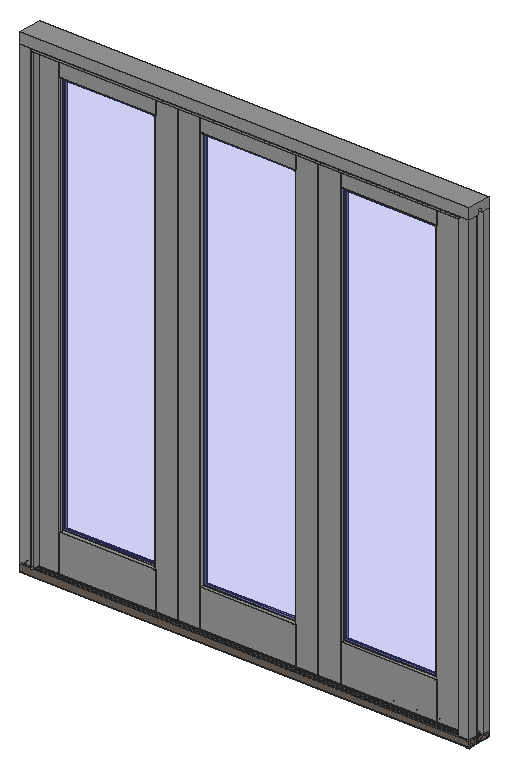
Revit family "VSFA 1950 G1 RH", category Doors, host Wall, Revit 2015
Parameters (values of type "VSFA 1950 G1 RH")
  Function = Interior
  Frame Projection Ext. = 25 mm
  Frame Projection Int. = 25 mm
  Frame Width = 75 mm
  Height = 2100 mm
  Wall Closure = By host
  Width = 1950 mm
Reference planes
  plane 1: y = 0
  plane 2 "Center (Left/Right)": x = 0
  plane 3 "Left": x = -975
  plane 4 "Right": x = 975
  plane 5: z = 2100
  plane 6 "Exterior": y = 75
  plane 7 "Interior": y = -75
Forms (mm)
  Extrusion 1, solid, material "Aluminium Cill (Bronze)"
    sketch origin (0, 79.18, -119.746) x (0, 1, 0) y (0, 0, 1)
      loop
        line (-26.68, 120.746) -> (-26.68, 135.746)
        arc (-26.68, 135.746) -> (-27.558, 137.867) -> (-29.68, 138.746) r 3
        line (-29.68, 138.746) -> (-40.947, 138.746)
        arc (-40.947, 138.746) -> (-42.68, 137.746) -> (-44.412, 138.746) r 2
        line (-44.412, 138.746) -> (-48.947, 138.746)
        arc (-48.947, 138.746) -> (-50.68, 137.746) -> (-52.412, 138.746) r 2
        line (-52.412, 138.746) -> (-56.947, 138.746)
        arc (-56.947, 138.746) -> (-58.68, 137.746) -> (-60.412, 138.746) r 2
        line (-60.412, 138.746) -> (-67.18, 138.746) -> (-67.18, 135.246)
        arc (-67.18, 135.246) -> (-67.619, 134.185) -> (-68.68, 133.746) r 1.5
        line (-68.68, 133.746) -> (-73.43, 133.746) -> (-73.43, 135.746) -> (-71.996, 135.746)
        arc (-71.996, 135.746) -> (-74.68, 138.746) -> (-77.363, 135.746) r 2.7
        line (-77.363, 135.746) -> (-75.93, 135.746) -> (-75.93, 133.746) -> (-80.68, 133.746)
        arc (-80.68, 133.746) -> (-81.74, 134.185) -> (-82.18, 135.246) r 1.5
        line (-82.18, 135.246) -> (-82.18, 138.746) -> (-90.432, 138.746) -> (-98.68, 138.746) -> (-98.68, 143.746)
        arc (-98.68, 143.746) -> (-99.18, 144.246) -> (-99.68, 143.746) r 0.5
        line (-99.68, 143.746) -> (-99.68, 142.734) -> (-100.88, 142.734) -> (-100.88, 150.246) -> (-99.68, 150.246) -> (-99.68, 149.246)
        arc (-99.68, 149.246) -> (-99.18, 148.746) -> (-98.68, 149.246) r 0.5
        line (-98.68, 149.246) -> (-98.68, 150.746)
        arc (-98.68, 150.746) -> (-98.972, 151.453) -> (-99.68, 151.746) r 1
        line (-99.68, 151.746) -> (-109.447, 151.746)
        arc (-109.447, 151.746) -> (-111.18, 150.746) -> (-112.912, 151.746) r 2
        line (-112.912, 151.746) -> (-117.447, 151.746)
        arc (-117.447, 151.746) -> (-119.18, 150.746) -> (-120.912, 151.746) r 2
        line (-120.912, 151.746) -> (-130.68, 151.746)
        arc (-130.68, 151.746) -> (-131.387, 151.453) -> (-131.68, 150.746) r 1
        line (-131.68, 150.746) -> (-131.68, 120.746)
        arc (-131.68, 120.746) -> (-131.387, 120.039) -> (-130.68, 119.746) r 1
        line (-130.68, 119.746) -> (-27.68, 119.746)
        arc (-27.68, 119.746) -> (-26.972, 120.039) -> (-26.68, 120.746) r 1
      loop
        line (-29.68, 137.246) -> (-40.23, 137.246)
        arc (-40.23, 137.246) -> (-42.68, 136.246) -> (-45.129, 137.246) r 3.5
        line (-45.129, 137.246) -> (-48.23, 137.246)
        arc (-48.23, 137.246) -> (-50.68, 136.246) -> (-53.129, 137.246) r 3.5
        line (-53.129, 137.246) -> (-56.23, 137.246)
        arc (-56.23, 137.246) -> (-58.68, 136.246) -> (-61.129, 137.246) r 3.5
        line (-61.129, 137.246) -> (-65.68, 137.246) -> (-65.68, 135.246)
        arc (-65.68, 135.246) -> (-66.558, 133.125) -> (-68.68, 132.246) r 3
        line (-68.68, 132.246) -> (-73.93, 132.246) -> (-73.93, 121.246) -> (-28.18, 121.246) -> (-28.18, 135.746)
        arc (-28.18, 135.746) -> (-28.619, 136.807) -> (-29.68, 137.246) r 1.5
      loop
        line (-75.43, 132.246) -> (-80.68, 132.246)
        arc (-80.68, 132.246) -> (-82.801, 133.125) -> (-83.68, 135.246) r 3
        line (-83.68, 135.246) -> (-83.68, 137.246) -> (-98.68, 137.246) -> (-98.68, 121.246) -> (-75.43, 121.246) -> (-75.43, 132.246)
      loop
        line (-100.18, 121.246) -> (-100.18, 141.246) -> (-102.38, 141.246) -> (-102.38, 150.246) -> (-108.73, 150.246)
        arc (-108.73, 150.246) -> (-111.18, 149.246) -> (-113.629, 150.246) r 3.5
        line (-113.629, 150.246) -> (-116.73, 150.246)
        arc (-116.73, 150.246) -> (-119.18, 149.246) -> (-121.629, 150.246) r 3.5
        line (-121.629, 150.246) -> (-130.18, 150.246) -> (-130.18, 121.246) -> (-100.18, 121.246)
    from -975 to 975
  Extrusion 2, solid, material "Lauan, Meranti"
    sketch origin (0, 0, 0) x (0, 1, 0) y (0, 0, 1)
      loop
        line (52.5, 2100) -> (-52.5, 2100) -> (-52.5, 2055) -> (-6.5, 2055) -> (-6.5, 2075) -> (15.5, 2075) -> (15.5, 2055) -> (52.5, 2055) -> (52.5, 2100)
    from -975 to 975
  Extrusion 3, solid, material "Lauan, Meranti"
    sketch origin (0, 0, 0) x (1, 0, 0) y (0, 1, 0)
      loop
        line (-975, 52.5) -> (-975, -52.5) -> (-930, -52.5) -> (-930, 24.5) -> (-942, 24.5) -> (-942, 52.5) -> (-975, 52.5)
    from 32 to 2055
  Extrusion 4, solid, material "Lauan, Meranti"
    sketch origin (0, 0, 0) x (1, 0, 0) y (0, 1, 0)
      loop
        line (-975, 52.5) -> (-975, -19.5) -> (-930, -19.5) -> (-930, 24.5) -> (-942, 24.5) -> (-942, 52.5) -> (-975, 52.5)
    from 19 to 32
  Extrusion 5, solid, material "Lauan, Meranti"
    sketch origin (0, 0, 0) x (0, 1, 0) y (0, 0, 1)
      loop
        line (-52.5, 2052) -> (-52.5, 2042) -> (-20.5, 2042) -> (-20.5, 2045.5) -> (-27.5, 2045.5) -> (-27.5, 2048.5) -> (-20.5, 2048.5) -> (-20.5, 2055) -> (-49.5, 2055) -> (-49.5, 2052) -> (-52.5, 2052)
    from -930 to 930
  Extrusion 6, solid, material "Lauan, Meranti"
    sketch origin (0, 0, 0) x (1, 0, 0) y (0, 1, 0)
      loop
        line (-927, -52.5) -> (-917, -52.5) -> (-917, -20.5) -> (-920.5, -20.5) -> (-920.5, -27.5) -> (-923.5, -27.5) -> (-923.5, -20.5) -> (-930, -20.5) -> (-930, -49.5) -> (-927, -49.5) -> (-927, -52.5)
    from 32 to 2042
  Extrusion 7, solid, material "Lauan, Meranti"
    sketch origin (0, 0, 0) x (1, 0, 0) y (0, 1, 0)
      loop
        line (975, -52.5) -> (975, -16.5) -> (930, -16.5) -> (930, -52.5) -> (975, -52.5)
      loop
        line (975, 52.5) -> (930, 52.5) -> (930, 25.5) -> (975, 25.5) -> (975, 52.5)
      loop
        line (900, 24.5) -> (900, -15.5) -> (945, -15.5) -> (945, -5.5) -> (920, -5.5) -> (920, 14.5) -> (945, 14.5) -> (945, 24.5) -> (900, 24.5)
    from 32 to 2055
  Extrusion 8, solid, material "Lauan, Meranti"
    sketch origin (0, 0, 0) x (1, 0, 0) y (0, 1, 0)
      loop
        line (930, 52.5) -> (930, 25.5) -> (975, 25.5) -> (975, 52.5) -> (930, 52.5)
      loop
        line (945, 24.5) -> (900, 24.5) -> (900, -15.5) -> (945, -15.5) -> (945, -5.5) -> (920, -5.5) -> (920, 14.5) -> (945, 14.5) -> (945, 24.5)
    from 19 to 32
  Extrusion 9, solid, material "Lauan, Meranti"
    sketch origin (1220, 0, 0) x (1, 0, 0) y (0, 1, 0)
      loop
        line (-930, -15.5) -> (-834, -15.5) -> (-834, -13.5)
        arc (-834, -13.5) -> (-829.265, -11.94) -> (-827, -7.5) r 6.549
        line (-827, -7.5) -> (-825, -7.5) -> (-825, -5.5) -> (-834, -5.5) -> (-834, 24.5) -> (-930, 24.5) -> (-930, -15.5)
      loop
        line (-320, -15.5) -> (-320, 24.5) -> (-416, 24.5) -> (-416, -5.5) -> (-425, -5.5) -> (-425, -7.5) -> (-423, -7.5)
        arc (-423, -7.5) -> (-420.735, -11.94) -> (-416, -13.5) r 6.549
        line (-416, -13.5) -> (-416, -15.5) -> (-320, -15.5)
    from 19 to 2055
  Extrusion 10, solid, material "Lauan, Meranti"
    sketch origin (555.235, 0, 0) x (0, 1, 0) y (0, 0, 1)
      loop
        line (-15.5, 190) -> (-15.5, 19) -> (24.5, 19) -> (24.5, 190) -> (-5.5, 190) -> (-5.5, 199) -> (-7.5, 199) -> (-7.5, 197)
        arc (-7.5, 197) -> (-11.866, 194.67) -> (-13.5, 190) r 6.807
        line (-13.5, 190) -> (-15.5, 190)
      loop
        line (-7.5, 1952) -> (-7.5, 1950) -> (-5.5, 1950) -> (-5.5, 1959) -> (24.5, 1959) -> (24.5, 2055) -> (-15.5, 2055) -> (-15.5, 1959) -> (-13.5, 1959)
        arc (-13.5, 1959) -> (-11.866, 1954.33) -> (-7.5, 1952) r 6.807
    from -169.235 to 248.765
  Sweep 11, solid, material "Lauan, Meranti"
    path origin (262.876, -75, -1252.272) x (1, 0, 0) y (0, 0, 1)
      loop
        line (123.124, 3211.272) -> (123.124, 1442.272) -> (541.124, 1442.272) -> (541.124, 3211.272) -> (123.124, 3211.272)
    profile origin (595, -75, 1959) x (0, 0, 1) y (0, -1, 0)
      loop
        line (-9, -78) -> (-9, -80) -> (-7, -80)
        arc (-7, -80) -> (-4.67, -84.366) -> (0, -86) r 6.807
        line (0, -86) -> (0, -78) -> (-9, -78)
  Extrusion 12, solid, material "Glass"
    sketch origin (531.808, -110.55, -763.769) x (1, 0, 0) y (0, 0, 1)
      loop
        line (-145.808, 2722.769) -> (-145.808, 953.769) -> (272.192, 953.769) -> (272.192, 2722.769) -> (-145.808, 2722.769)
    from -112.5 to -106.1
  Extrusion 13, solid, material "Lauan, Meranti"
    sketch origin (610, 0, 0) x (1, 0, 0) y (0, 1, 0)
      loop
        line (-930, -15.5) -> (-834, -15.5) -> (-834, -13.5)
        arc (-834, -13.5) -> (-829.265, -11.94) -> (-827, -7.5) r 6.549
        line (-827, -7.5) -> (-825, -7.5) -> (-825, -5.5) -> (-834, -5.5) -> (-834, 24.5) -> (-930, 24.5) -> (-930, -15.5)
      loop
        line (-320, -15.5) -> (-320, 24.5) -> (-416, 24.5) -> (-416, -5.5) -> (-425, -5.5) -> (-425, -7.5) -> (-423, -7.5)
        arc (-423, -7.5) -> (-420.735, -11.94) -> (-416, -13.5) r 6.549
        line (-416, -13.5) -> (-416, -15.5) -> (-320, -15.5)
    from 19 to 2055
  Extrusion 14, solid, material "Lauan, Meranti"
    sketch origin (-54.765, 0, 0) x (0, 1, 0) y (0, 0, 1)
      loop
        line (-15.5, 190) -> (-15.5, 19) -> (24.5, 19) -> (24.5, 190) -> (-5.5, 190) -> (-5.5, 199) -> (-7.5, 199) -> (-7.5, 197)
        arc (-7.5, 197) -> (-11.866, 194.67) -> (-13.5, 190) r 6.807
        line (-13.5, 190) -> (-15.5, 190)
      loop
        line (-7.5, 1952) -> (-7.5, 1950) -> (-5.5, 1950) -> (-5.5, 1959) -> (24.5, 1959) -> (24.5, 2055) -> (-15.5, 2055) -> (-15.5, 1959) -> (-13.5, 1959)
        arc (-13.5, 1959) -> (-11.866, 1954.33) -> (-7.5, 1952) r 6.807
    from -169.235 to 248.765
  Sweep 15, solid, material "Lauan, Meranti"
    path origin (-347.124, -75, -1252.272) x (1, 0, 0) y (0, 0, 1)
      loop
        line (123.124, 3211.272) -> (123.124, 1442.272) -> (541.124, 1442.272) -> (541.124, 3211.272) -> (123.124, 3211.272)
    profile origin (-15, -75, 1959) x (0, 0, 1) y (0, -1, 0)
      loop
        line (-9, -78) -> (-9, -80) -> (-7, -80)
        arc (-7, -80) -> (-4.67, -84.366) -> (0, -86) r 6.807
        line (0, -86) -> (0, -78) -> (-9, -78)
  Extrusion 16, solid, material "Glass"
    sketch origin (-78.192, -110.55, -763.769) x (1, 0, 0) y (0, 0, 1)
      loop
        line (-145.808, 2722.769) -> (-145.808, 953.769) -> (272.192, 953.769) -> (272.192, 2722.769) -> (-145.808, 2722.769)
    from -112.5 to -106.1
  Extrusion 17, solid, material "Lauan, Meranti"
    sketch origin (0, 0, 0) x (1, 0, 0) y (0, 1, 0)
      loop
        line (-930, -15.5) -> (-834, -15.5) -> (-834, -13.5)
        arc (-834, -13.5) -> (-829.265, -11.94) -> (-827, -7.5) r 6.549
        line (-827, -7.5) -> (-825, -7.5) -> (-825, -5.5) -> (-834, -5.5) -> (-834, 24.5) -> (-930, 24.5) -> (-930, -15.5)
      loop
        line (-320, -15.5) -> (-320, 24.5) -> (-416, 24.5) -> (-416, -5.5) -> (-425, -5.5) -> (-425, -7.5) -> (-423, -7.5)
        arc (-423, -7.5) -> (-420.735, -11.94) -> (-416, -13.5) r 6.549
        line (-416, -13.5) -> (-416, -15.5) -> (-320, -15.5)
    from 19 to 2055
  Extrusion 18, solid, material "Lauan, Meranti"
    sketch origin (-664.765, 0, 0) x (0, 1, 0) y (0, 0, 1)
      loop
        line (-15.5, 190) -> (-15.5, 19) -> (24.5, 19) -> (24.5, 190) -> (-5.5, 190) -> (-5.5, 199) -> (-7.5, 199) -> (-7.5, 197)
        arc (-7.5, 197) -> (-11.866, 194.67) -> (-13.5, 190) r 6.807
        line (-13.5, 190) -> (-15.5, 190)
      loop
        line (-7.5, 1952) -> (-7.5, 1950) -> (-5.5, 1950) -> (-5.5, 1959) -> (24.5, 1959) -> (24.5, 2055) -> (-15.5, 2055) -> (-15.5, 1959) -> (-13.5, 1959)
        arc (-13.5, 1959) -> (-11.866, 1954.33) -> (-7.5, 1952) r 6.807
    from -169.235 to 248.765
  Sweep 19, solid, material "Lauan, Meranti"
    path origin (-957.124, -75, -1252.272) x (1, 0, 0) y (0, 0, 1)
      loop
        line (123.124, 3211.272) -> (123.124, 1442.272) -> (541.124, 1442.272) -> (541.124, 3211.272) -> (123.124, 3211.272)
    profile origin (-625, -75, 1959) x (0, 0, 1) y (0, -1, 0)
      loop
        line (-9, -78) -> (-9, -80) -> (-7, -80)
        arc (-7, -80) -> (-4.67, -84.366) -> (0, -86) r 6.807
        line (0, -86) -> (0, -78) -> (-9, -78)
  Extrusion 20, solid, material "Glass"
    sketch origin (-688.192, -110.55, -763.769) x (1, 0, 0) y (0, 0, 1)
      loop
        line (-145.808, 2722.769) -> (-145.808, 953.769) -> (272.192, 953.769) -> (272.192, 2722.769) -> (-145.808, 2722.769)
    from -112.5 to -106.1
Cuts and joins
  joined: Extrusion 3, Extrusion 4
  joined: Extrusion 7, Extrusion 8
Lines and regions (mm)
  Opening 1
    outline origin (-3050, -75, 0) x (1, 0, 0) y (0, 0, 1)
      loop
        line (2075, 0) -> (4025, 0) -> (4025, 2100) -> (2075, 2100) -> (2075, 0)
  model lines
    curve 1: line (450.802, 99.5, 1050) -> (625.802, 99.5, 1050)
    curve 2: line (764.879, 99.5, 1050) -> (625.802, 99.5, 1106.191)
    curve 3: line (625.802, 99.5, 1106.191) -> (625.802, 99.5, 993.809)
    curve 4: line (764.879, 99.5, 1050) -> (625.802, 99.5, 993.809)
    curve 5: line (-159.198, 99.5, 1050) -> (15.802, 99.5, 1050)
    curve 6: line (154.879, 99.5, 1050) -> (15.802, 99.5, 1106.191)
    curve 7: line (15.802, 99.5, 1106.191) -> (15.802, 99.5, 993.809)
    curve 8: line (154.879, 99.5, 1050) -> (15.802, 99.5, 993.809)
    curve 9: line (-769.198, 99.5, 1050) -> (-594.198, 99.5, 1050)
    curve 10: line (-455.121, 99.5, 1050) -> (-594.198, 99.5, 1106.191)
    curve 11: line (-594.198, 99.5, 1106.191) -> (-594.198, 99.5, 993.809)
    curve 12: line (-455.121, 99.5, 1050) -> (-594.198, 99.5, 993.809)
    curve 13: line (900, 24.5, 0) -> (595, 552.775, 0)
    curve 14: line (595, 552.775, 0) -> (560.359, 532.775, 0)
    curve 15: line (560.359, 532.775, 0) -> (865.359, 4.5, 0)
    curve 16: line (865.359, 4.5, 0) -> (900, 24.5, 0)
    curve 17: line (220.718, 24.5, 0) -> (525.718, 552.775, 0)
    curve 18: line (525.718, 552.775, 0) -> (560.359, 532.775, 0)
    curve 19: line (560.359, 532.775, 0) -> (255.359, 4.5, 0)
    curve 20: line (255.359, 4.5, 0) -> (220.718, 24.5, 0)
    curve 21: line (220.718, 24.5, 0) -> (-46.688, 572.764, 0)
    curve 22: line (-46.688, 572.764, 0) -> (-82.64, 555.23, 0)
    curve 23: line (-82.64, 555.23, 0) -> (184.766, 6.965, 0)
    curve 24: line (184.766, 6.965, 0) -> (220.718, 24.5, 0)
Text (mm)
  text "Exterior" at (-2295.016, 1099.543, 0), in view "Ref. Level"
  text "Exterior" at (0, 1615.38, 3698.081), in view "Left"
  text "Exterior" at (0, 1036.032, 3874.932), in view "Right"
Dimensions and locks
  equal spacing: plane 3 "Left", plane 2 "Center (Left/Right)", plane 4 "Right"
  "Width": plane 3 "Left" to plane 4 "Right"
  "Height": plane 5 to host wall
  host wall to plane 5 = 2100 mm  (x2)
  locked: plane 6 "Exterior" to host wall at 0
  locked: plane 7 "Interior" to host wall
  plane 3 "Left" to plane 4 "Right" = 1950 mm
  aligned and locked: plane 3 "Left" to Opening 1 sketch curve
  aligned and locked: plane 5 to Opening 1 sketch curve  (x2)
  aligned and locked: Opening 1 sketch curve to plane 4 "Right"
  aligned and locked: Opening 1 sketch curve to level
  aligned and locked: plane 1 to host wall
  aligned and locked: Extrusion 1 to host wall  (x2)
  aligned and locked: Extrusion 2 to host wall  (x2)
  aligned and locked: Extrusion 4 to Extrusion 1  (x2)
  aligned and locked: Extrusion 3 to Extrusion 1
  aligned and locked: Extrusion 3 to Extrusion 2
  aligned and locked: Extrusion 5 to cut or joined group of Extrusion 3, Extrusion 4
  aligned and locked: Extrusion 6 to Extrusion 1
  aligned and locked: Extrusion 6 to Extrusion 5
  aligned and locked: Extrusion 7 to Extrusion 1
  aligned and locked: Extrusion 7 to Extrusion 2
  aligned and locked: Extrusion 5 to Extrusion 7
  aligned and locked: Extrusion 8 to Extrusion 1
  aligned and locked: Extrusion 1 to Extrusion 8
  aligned and locked: Extrusion 10 to Extrusion 9  (x2)
  aligned and locked: Extrusion 12 to Extrusion 10  (x2)
  aligned and locked: Extrusion 12 to Extrusion 9  (x2)
  aligned and locked: Sweep 11 sketch curve to Extrusion 10  (x2)
  aligned and locked: Extrusion 9 to Sweep 11 sketch curve  (x2)
  aligned and locked: Extrusion 14 to Extrusion 13  (x2)
  aligned and locked: Extrusion 16 to Extrusion 14  (x2)
  aligned and locked: Extrusion 16 to Extrusion 13  (x2)
  aligned and locked: Sweep 15 sketch curve to Extrusion 14  (x2)
  aligned and locked: Extrusion 13 to Sweep 15 sketch curve  (x2)
  aligned and locked: Extrusion 18 to Extrusion 17  (x2)
  aligned and locked: Extrusion 20 to Extrusion 18  (x2)
  aligned and locked: Extrusion 20 to Extrusion 17  (x2)
  aligned and locked: Sweep 19 sketch curve to Extrusion 18  (x2)
  aligned and locked: Extrusion 17 to Sweep 19 sketch curve  (x2)
Automatic sketch dimensions
  Extrusion 1 sketch curve to level = 0 mm
  level to Extrusion 1 sketch curve = 1 mm
  Extrusion 1 sketch curve to host wall = 22.5 mm
  Extrusion 1 sketch curve to Extrusion 1 sketch curve = 1 mm  (x7)
  Extrusion 1 sketch curve to Extrusion 1 sketch curve = 0.5 mm  (x8)
  Extrusion 1 sketch curve to Extrusion 1 sketch curve = 8.551 mm
  Extrusion 1 sketch curve to Extrusion 1 sketch curve = 0.717 mm  (x10)
  Extrusion 1 sketch curve to Extrusion 1 sketch curve = 1.732 mm  (x10)
  Extrusion 1 sketch curve to Extrusion 1 sketch curve = 0 mm  (x26)
  Extrusion 1 sketch curve to Extrusion 1 sketch curve = 3.101 mm  (x3)
  Extrusion 1 sketch curve to Extrusion 1 sketch curve = 6.351 mm
  Extrusion 1 sketch curve to Extrusion 1 sketch curve = 1.5 mm  (x15)
  Extrusion 1 sketch curve to Extrusion 1 sketch curve = 0.7 mm
  level to Extrusion 1 sketch curve = 1.5 mm  (x3)
  Extrusion 1 sketch curve to Extrusion 1 sketch curve = 1.2 mm  (x2)
  Extrusion 1 sketch curve to Extrusion 1 sketch curve = 8.248 mm
  host wall to Extrusion 1 sketch curve = 4.5 mm
  host wall to Extrusion 1 sketch curve = 1.5 mm  (x2)
  Extrusion 1 sketch curve to host wall = 1.817 mm
  Extrusion 1 sketch curve to Extrusion 1 sketch curve = 1.433 mm  (x3)
  Extrusion 1 sketch curve to host wall = 3.75 mm
  Extrusion 1 sketch curve to Extrusion 1 sketch curve = 1.25 mm  (x2)
  Extrusion 1 sketch curve to Extrusion 1 sketch curve = 3.317 mm
  Extrusion 1 sketch curve to Extrusion 1 sketch curve = 4.551 mm
  Extrusion 1 sketch curve to Extrusion 1 sketch curve = 10.551 mm
  Extrusion 1 sketch curve to Extrusion 1 sketch curve = 11 mm
  Extrusion 1 sketch curve to Extrusion 1 sketch curve = 14.5 mm
  Extrusion 1 sketch curve to Extrusion 1 sketch curve = 2 mm  (x4)
  Extrusion 1 sketch curve to Extrusion 1 sketch curve = 0.3 mm
  Extrusion 1 sketch curve to Extrusion 1 sketch curve = 2.5 mm
  Extrusion 1 sketch curve to Extrusion 1 sketch curve = 1.488 mm
  Extrusion 1 sketch curve to Extrusion 1 sketch curve = 1.012 mm
  Extrusion 1 sketch curve to Extrusion 1 sketch curve = 5.5 mm
  plane 5 to Extrusion 2 sketch curve = 0 mm
  Extrusion 2 sketch curve to host wall = 22.5 mm  (x2)
  host wall to Extrusion 2 sketch curve = 6.5 mm
  Extrusion 2 sketch curve to host wall = 15.5 mm
  plane 5 to Extrusion 2 sketch curve = 25 mm
  Extrusion 2 sketch curve to Extrusion 2 sketch curve = 20 mm  (x2)
  Extrusion 3 sketch curve to plane 3 "Left" = 0 mm
  Extrusion 3 sketch curve to plane 3 "Left" = 33 mm
  Extrusion 3 sketch curve to Extrusion 3 sketch curve = 45 mm
  Extrusion 3 sketch curve to host wall = 22.5 mm  (x2)
  Extrusion 3 sketch curve to host wall = 24.5 mm
  Extrusion 4 sketch curve to plane 3 "Left" = 0 mm
  Extrusion 4 sketch curve to Extrusion 4 sketch curve = 33 mm
  host wall to Extrusion 4 sketch curve = 19.5 mm
  Extrusion 4 sketch curve to Extrusion 4 sketch curve = 45 mm
  Extrusion 4 sketch curve to host wall = 24.5 mm
  Extrusion 4 sketch curve to host wall = 22.5 mm
  curve 12 to plane 3 "Left" = 380.802 mm
  curve 9 to curve 12 = 139.078 mm
  plane 2 "Center (Left/Right)" to curve 8 = 15.802 mm
  curve 5 to curve 6 = 139.078 mm
  plane 4 "Right" to curve 3 = 349.198 mm
  curve 1 to curve 2 = 139.078 mm
  level to curve 12 = 993.809 mm
  curve 7 to curve 11 = 0 mm
  curve 4 to curve 7 = 0 mm
  curve 3 to curve 4 = 56.191 mm
  curve 11 to curve 12 = 56.191 mm
  curve 7 to curve 6 = 56.191 mm
  curve 11 to curve 10 = 112.382 mm
  curve 3 to curve 3 = 112.382 mm
  curve 7 to curve 7 = 112.382 mm
  curve 9 to curve 9 = 175 mm
  curve 5 to plane 2 "Center (Left/Right)" = 159.198 mm
  curve 1 to curve 1 = 175 mm
  curve 5 to curve 6 = 56.191 mm
  curve 1 to curve 2 = 56.191 mm
  curve 9 to curve 10 = 56.191 mm
  Extrusion 5 sketch curve to host wall = 22.5 mm
  Extrusion 5 sketch curve to Extrusion 5 sketch curve = 3 mm  (x2)
  Extrusion 5 sketch curve to Extrusion 5 sketch curve = 22 mm
  Extrusion 5 sketch curve to Extrusion 5 sketch curve = 7 mm
  Extrusion 5 sketch curve to Extrusion 5 sketch curve = 0 mm
  plane 5 to Extrusion 5 sketch curve = 58 mm
  Extrusion 5 sketch curve to Extrusion 5 sketch curve = 3.5 mm
  Extrusion 5 sketch curve to Extrusion 5 sketch curve = 10 mm
  Extrusion 5 sketch curve to Extrusion 5 sketch curve = 6.5 mm
  Extrusion 6 sketch curve to plane 3 "Left" = 45 mm
  Extrusion 6 sketch curve to Extrusion 6 sketch curve = 3 mm  (x3)
  Extrusion 6 sketch curve to Extrusion 6 sketch curve = 6.5 mm
  Extrusion 6 sketch curve to Extrusion 6 sketch curve = 10 mm
  Extrusion 6 sketch curve to host wall = 22.5 mm
  Extrusion 6 sketch curve to Extrusion 6 sketch curve = 22 mm
  Extrusion 6 sketch curve to Extrusion 6 sketch curve = 7 mm
  Extrusion 6 sketch curve to Extrusion 6 sketch curve = 0 mm
  Extrusion 7 sketch curve to plane 4 "Right" = 0 mm  (x2)
  plane 4 "Right" to Extrusion 7 sketch curve = 30 mm
  Extrusion 7 sketch curve to Extrusion 7 sketch curve = 0 mm
  Extrusion 7 sketch curve to Extrusion 7 sketch curve = 15 mm  (x2)
  Extrusion 7 sketch curve to Extrusion 7 sketch curve = 10 mm  (x2)
  Extrusion 7 sketch curve to Extrusion 7 sketch curve = 20 mm
  Extrusion 7 sketch curve to host wall = 22.5 mm  (x2)
  host wall to Extrusion 7 sketch curve = 16.5 mm
  Extrusion 7 sketch curve to Extrusion 7 sketch curve = 1 mm
  host wall to Extrusion 7 sketch curve = 5.5 mm
  Extrusion 7 sketch curve to host wall = 14.5 mm
  Extrusion 7 sketch curve to Extrusion 7 sketch curve = 11 mm
  Extrusion 8 sketch curve to plane 4 "Right" = 0 mm
  plane 4 "Right" to Extrusion 8 sketch curve = 30 mm
  Extrusion 8 sketch curve to Extrusion 8 sketch curve = 0 mm
  Extrusion 8 sketch curve to Extrusion 8 sketch curve = 15 mm
  host wall to Extrusion 8 sketch curve = 5.5 mm
  Extrusion 8 sketch curve to Extrusion 8 sketch curve = 25 mm
  Extrusion 8 sketch curve to Extrusion 8 sketch curve = 20 mm
  Extrusion 8 sketch curve to Extrusion 8 sketch curve = 10 mm  (x2)
  Extrusion 8 sketch curve to host wall = 14.5 mm
  Extrusion 8 sketch curve to host wall = 25.5 mm
  Extrusion 8 sketch curve to host wall = 22.5 mm
  Extrusion 9 sketch curve to host wall = 24.5 mm  (x2)
  plane 2 "Center (Left/Right)" to Extrusion 9 sketch curve = 290 mm
  host wall to Extrusion 9 sketch curve = 13.5 mm
  Extrusion 9 sketch curve to Extrusion 9 sketch curve = 96 mm
  Extrusion 9 sketch curve to Extrusion 9 sketch curve = 0 mm
  Extrusion 9 sketch curve to Extrusion 9 sketch curve = 0.473 mm  (x3)
  Extrusion 9 sketch curve to Extrusion 9 sketch curve = 6.527 mm  (x2)
  Extrusion 9 sketch curve to Extrusion 9 sketch curve = 2 mm  (x4)
  host wall to Extrusion 9 sketch curve = 5.5 mm
  plane 4 "Right" to Extrusion 9 sketch curve = 180 mm
  plane 4 "Right" to Extrusion 9 sketch curve = 75 mm
  host wall to Extrusion 9 sketch curve = 15.5 mm  (x2)
  host wall to Extrusion 9 sketch curve = 7.5 mm
  Extrusion 9 sketch curve to Extrusion 9 sketch curve = 1.468 mm
  host wall to Extrusion 10 sketch curve = 15.5 mm  (x2)
  Extrusion 10 sketch curve to Extrusion 10 sketch curve = 2 mm  (x6)
  host wall to Extrusion 10 sketch curve = 7.5 mm  (x2)
  host wall to Extrusion 10 sketch curve = 6.697 mm  (x2)
  Extrusion 10 sketch curve to host wall = 24.5 mm  (x2)
  level to Extrusion 10 sketch curve = 19 mm
  Extrusion 10 sketch curve to Extrusion 10 sketch curve = 171 mm
  Extrusion 10 sketch curve to Extrusion 10 sketch curve = 0 mm
  Extrusion 10 sketch curve to Extrusion 10 sketch curve = 0.241 mm  (x2)
  plane 5 to Extrusion 10 sketch curve = 150 mm
  Extrusion 10 sketch curve to Extrusion 10 sketch curve = 6.759 mm
  plane 5 to Extrusion 10 sketch curve = 45 mm
  profile plane to Sweep 11 sketch curve = 0 mm
  profile plane to Sweep 11 sketch curve = 0.241 mm
  Sweep 11 sketch curve to Sweep 11 sketch curve = 6.759 mm
  Sweep 11 sketch curve to Sweep 11 sketch curve = 2 mm  (x2)
  Sweep 11 sketch curve to profile plane = 86 mm
  Sweep 11 sketch curve to Sweep 11 sketch curve = 6 mm
  level to Extrusion 12 sketch curve = 190 mm
  plane 2 "Center (Left/Right)" to Extrusion 12 sketch curve = 386 mm
  plane 4 "Right" to Extrusion 12 sketch curve = 171 mm
  plane 5 to Extrusion 12 sketch curve = 141 mm
  Extrusion 13 sketch curve to host wall = 24.5 mm  (x2)
  Extrusion 13 sketch curve to plane 2 "Center (Left/Right)" = 320 mm
  host wall to Extrusion 13 sketch curve = 13.5 mm
  Extrusion 13 sketch curve to Extrusion 13 sketch curve = 96 mm  (x2)
  Extrusion 13 sketch curve to Extrusion 13 sketch curve = 0 mm
  Extrusion 13 sketch curve to Extrusion 13 sketch curve = 0.473 mm  (x3)
  Extrusion 13 sketch curve to Extrusion 13 sketch curve = 6.527 mm  (x2)
  Extrusion 13 sketch curve to Extrusion 13 sketch curve = 2 mm  (x4)
  host wall to Extrusion 13 sketch curve = 5.5 mm
  plane 2 "Center (Left/Right)" to Extrusion 13 sketch curve = 185 mm
  host wall to Extrusion 13 sketch curve = 15.5 mm  (x2)
  host wall to Extrusion 13 sketch curve = 7.5 mm
  Extrusion 13 sketch curve to Extrusion 13 sketch curve = 1.468 mm
  host wall to Extrusion 14 sketch curve = 15.5 mm  (x2)
  Extrusion 14 sketch curve to Extrusion 14 sketch curve = 2 mm  (x6)
  host wall to Extrusion 14 sketch curve = 7.5 mm  (x2)
  host wall to Extrusion 14 sketch curve = 6.697 mm  (x2)
  Extrusion 14 sketch curve to host wall = 24.5 mm  (x2)
  level to Extrusion 14 sketch curve = 19 mm
  Extrusion 14 sketch curve to Extrusion 14 sketch curve = 171 mm
  Extrusion 14 sketch curve to Extrusion 14 sketch curve = 0 mm
  Extrusion 14 sketch curve to Extrusion 14 sketch curve = 0.241 mm  (x2)
  plane 5 to Extrusion 14 sketch curve = 150 mm
  Extrusion 14 sketch curve to Extrusion 14 sketch curve = 6.759 mm
  plane 5 to Extrusion 14 sketch curve = 45 mm
  profile plane to Sweep 15 sketch curve = 0 mm
  profile plane to Sweep 15 sketch curve = 0.241 mm
  Sweep 15 sketch curve to Sweep 15 sketch curve = 6.759 mm
  Sweep 15 sketch curve to Sweep 15 sketch curve = 2 mm  (x2)
  Sweep 15 sketch curve to profile plane = 86 mm
  Sweep 15 sketch curve to Sweep 15 sketch curve = 6 mm
  Extrusion 16 sketch curve to plane 2 "Center (Left/Right)" = 224 mm
  plane 2 "Center (Left/Right)" to Extrusion 16 sketch curve = 194 mm
  level to Extrusion 16 sketch curve = 190 mm
  plane 5 to Extrusion 16 sketch curve = 141 mm
  Extrusion 17 sketch curve to plane 3 "Left" = 45 mm
  host wall to Extrusion 17 sketch curve = 13.5 mm
  Extrusion 17 sketch curve to Extrusion 17 sketch curve = 96 mm  (x2)
  Extrusion 17 sketch curve to Extrusion 17 sketch curve = 0 mm
  Extrusion 17 sketch curve to Extrusion 17 sketch curve = 0.473 mm  (x3)
  Extrusion 17 sketch curve to Extrusion 17 sketch curve = 6.527 mm  (x2)
  Extrusion 17 sketch curve to Extrusion 17 sketch curve = 2 mm  (x4)
  host wall to Extrusion 17 sketch curve = 5.5 mm
  Extrusion 17 sketch curve to Extrusion 17 sketch curve = 400 mm
  Extrusion 17 sketch curve to host wall = 24.5 mm  (x2)
  host wall to Extrusion 17 sketch curve = 15.5 mm  (x2)
  host wall to Extrusion 17 sketch curve = 7.5 mm
  Extrusion 17 sketch curve to Extrusion 17 sketch curve = 1.468 mm
  host wall to Extrusion 18 sketch curve = 15.5 mm  (x2)
  Extrusion 18 sketch curve to Extrusion 18 sketch curve = 2 mm  (x6)
  host wall to Extrusion 18 sketch curve = 7.5 mm  (x2)
  host wall to Extrusion 18 sketch curve = 6.697 mm  (x2)
  Extrusion 18 sketch curve to host wall = 24.5 mm  (x2)
  level to Extrusion 18 sketch curve = 19 mm
  Extrusion 18 sketch curve to Extrusion 18 sketch curve = 171 mm
  Extrusion 18 sketch curve to Extrusion 18 sketch curve = 0 mm
  Extrusion 18 sketch curve to Extrusion 18 sketch curve = 0.241 mm  (x2)
  plane 5 to Extrusion 18 sketch curve = 150 mm
  Extrusion 18 sketch curve to Extrusion 18 sketch curve = 6.759 mm
  plane 5 to Extrusion 18 sketch curve = 45 mm
  profile plane to Sweep 19 sketch curve = 0 mm
  profile plane to Sweep 19 sketch curve = 0.241 mm
  Sweep 19 sketch curve to Sweep 19 sketch curve = 6.759 mm
  Sweep 19 sketch curve to Sweep 19 sketch curve = 2 mm  (x2)
  Sweep 19 sketch curve to profile plane = 86 mm
  Sweep 19 sketch curve to Sweep 19 sketch curve = 6 mm
  Extrusion 20 sketch curve to plane 3 "Left" = 141 mm
  level to Extrusion 20 sketch curve = 190 mm
  Extrusion 20 sketch curve to plane 2 "Center (Left/Right)" = 416 mm
  plane 5 to Extrusion 20 sketch curve = 141 mm
  curve 23 to plane 2 "Center (Left/Right)" = 82.64 mm
  curve 22 to curve 22 = 35.952 mm
  curve 23 to host wall = 6.965 mm
  plane 2 "Center (Left/Right)" to curve 23 = 184.766 mm
  curve 20 to host wall = 4.5 mm
  curve 24 to curve 20 = 34.641 mm
  plane 4 "Right" to curve 17 = 449.282 mm
  curve 14 to curve 14 = 34.641 mm
  curve 15 to host wall = 4.5 mm
  plane 4 "Right" to curve 15 = 109.641 mm
  curve 16 to host wall = 24.5 mm
